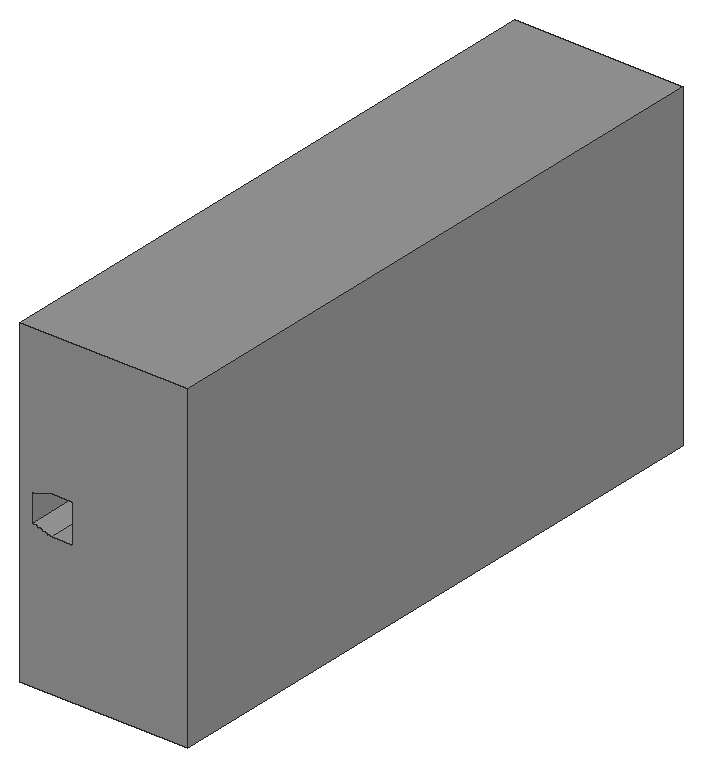
Revit family "CAT6A)", category Generic Models, Revit 2015
Parameters (values of type "ND-CAT6A/EA")
  Width = 25.5 mm
  URL = "http://www.obo-bettermann.com"
  Material = Aluminum
  Manufacturer Art.No. = "5081800"
  Manufacturer = "OBO Bettermann"
  Length = 93.6 mm
  Height = 48.7 mm
  GTIN = "4012195614364"
  Article Type = "ND-CAT6A/EA"
Reference planes
  plane 1 "Center (Front/Back)": y = 0
  plane 2: z = 0
  plane 3 "Center (Left/Right)": x = 0
  plane 4: y = 93.6
  plane 5: y = 218
  plane 6: y = 15
  plane 7: y = 203
  plane 8: z = 31
  plane 9: z = 32
  plane 10: z = 24.35
Forms (mm)
  Extrusion 1, solid, material "Aluminum" <- "Material"
    sketch origin (0, 0, 0) x (1, 0, 0) y (0, 0, 1)
      loop
        line (-12.75, 0) -> (12.75, 0) -> (12.75, 48.7) -> (-12.75, 48.7) -> (-12.75, 0)
    from 0 to -93.6
  Extrusion 2, void
    sketch origin (0, 0, 0) x (1, 0, 0) y (0, 0, 1)
      loop
        line (-8.086, 27.35) -> (-10.75, 26.35) -> (-10.75, 22.35) -> (-8.086, 21.35) -> (-4.75, 21.35) -> (-4.75, 27.35) -> (-8.086, 27.35)
    from -15 to 0
Cuts and joins
  Extrusion 2 cuts Extrusion 1
Dimensions and locks
  "Height": Extrusion 1 sketch curve to Extrusion 1 sketch curve
  "Width": Extrusion 1 sketch curve to Extrusion 1 sketch curve
  equal spacing: Extrusion 1 sketch curve, plane 3 "Center (Left/Right)", Extrusion 1 sketch curve
  "Length": plane 1 "Center (Front/Back)" to plane 4
  locked: plane 5 to plane 1 "Center (Front/Back)" at 218
  locked: plane 6 to plane 1 "Center (Front/Back)" at 15
  locked: plane 5 to plane 7 at 15
  locked: plane 8 to level at 31
  locked: plane 8 to plane 9 at 1
  locked: Extrusion 2 sketch curve to Extrusion 2 sketch curve at 6  (x2)
  locked: plane 10 to level at 24.35
  equal spacing: Extrusion 2 sketch curve, plane 10, Extrusion 2 sketch curve, locked at 3 each
  locked: Extrusion 2 sketch curve to Extrusion 2 sketch curve at 4
  equal spacing: Extrusion 2 sketch curve, plane 10, Extrusion 2 sketch curve, locked at 2 each
  locked: cut or joined group of Extrusion 1, Extrusion 2 to Extrusion 2 sketch curve at 8
  aligned and locked: level to plane 2
  aligned and locked: Extrusion 1 sketch curve to level
  aligned and locked: plane 1 "Center (Front/Back)" to Extrusion 1
  aligned and locked: plane 4 to Extrusion 1
  aligned and locked: plane 1 "Center (Front/Back)" to Extrusion 2
  aligned and locked: Extrusion 2 to plane 6
Automatic sketch dimensions
  Extrusion 2 sketch curve to Extrusion 2 sketch curve = 2.664 mm  (x2)
